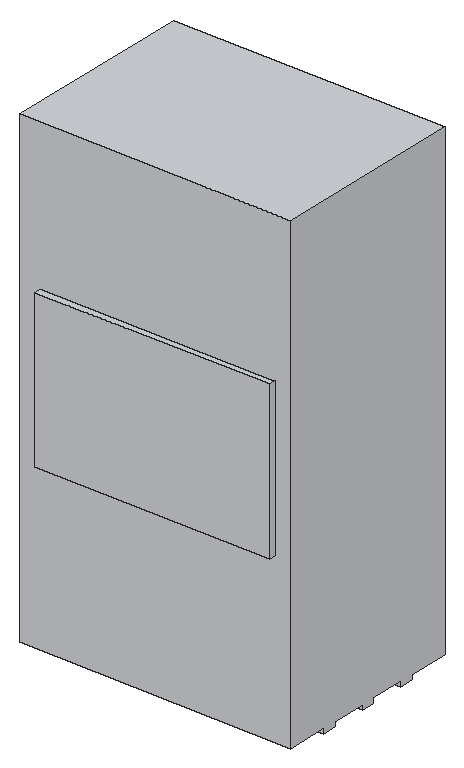
Revit family "M_WSHP - Vertical - 23-35 kW - Retorno frontal - Descarga traseira", category Equipamento mecânico, Revit 2019
Family settings
  Cota do conector redondo = Usar raio
  Tipo de parte = Normal
  Número OmniClass = 23.75.10.21.17
  Título OmniClass = Water-Source Heat Pumps
  ID de item do Seek = WSHP - Vertical - 23-35 kW - Front Return - Rear Discharge-0000-CAN-ENU
  Com base no plano de trabalho = Não
  Sempre na vertical = Sim
  Corte com vazios quando carregada = Não
  Compartilhado = Não
  Ponto de cálculo do ambiente = Não
Parameters (values of type "23 kW")
  Raio do fornecimento de água = 20 mm
  Diâmetro do fornecimento de água = Raio do fornecimento de água * 2  # 40 mm
  Raio do retorno da água = 20 mm
  Diâmetro do retorno da água = Raio do retorno da água * 2  # 40 mm
  Queda de pressão da água [instance] = 59294.9 Pa
  Fluxo da água [instance] = 1.14 L/s
  Voltagem = 460 V
  Largura do ar de fornecimento = 375 mm
  Altura do ar de fornecimento = 400 mm
  Largura do ar de retorno = 900 mm
  Altura do ar de retorno = 600 mm
  Largura da bomba = 736.6 mm
  Material da bomba = none
  Comprimento da bomba = 1041.4 mm
  Altura da bomba = 1816.1 mm
  Número de pólos = 3
  Modelo = "1'  10 77/128\""
  Classificação de carga = Refrigeração
  Fluxo da drenagem [instance] = 0.0 L/s
  Raio da condensação = 15 mm
  Diâmetro da condensação = Raio da condensação * 2  # 30 mm
  C6 Deslocamento 2 = 53.4 mm
  C6 Deslocamento 1 = 25.4 mm
  C5 Deslocamento 2 = 574.1 mm
  C5 Deslocamento 1 = 78.8 mm
  C4 Deslocamento 1 = 284.5 mm
  C3 Deslocamento 1 = 368.3 mm
  C2 Deslocamento 1 = 101.6 mm
  C1 Deslocamento 2 = 520.7 mm
  C1 Deslocamento 1 = 187.9 mm
  Carga aparente = 6026 VA
  Pressão estática externa [instance] = 248.84 Pa
  Fluxo de ar [instance] = 1227.06 L/s
Types (4, lengths in mm): name | Queda de pressão da água | Fluxo da água | Largura do ar de fornecimento | Modelo | C4 Deslocamento 1 | Carga aparente | Pressão estática externa | Fluxo de ar
  (no name) | 59294.9 Pa | 1.14 L/s | 375 | "1'  10 77/128\"" | 284.5 | 6026 VA | 248.84 Pa | 1227.06 L/s
  23 kW | 59294.9 Pa | 1.14 L/s | 375 | "1'  10 77/128\"" | 284.5 | 6026 VA | 248.84 Pa | 1227.06 L/s
  30 kW | 69637.1 Pa | 1.51 L/s | 375 | 0 | 284.5 | 8970 VA | 373.26 Pa | 1651.82 L/s
  35 kW | 91700.3 Pa | 1.89 L/s | 475 | 0 | 147.3 | 9890 VA | 373.26 Pa | 1982.18 L/s
Reference planes
  plane 1 "Centro (Frente/Trás)": y = 0
  plane 2: z = 0
  plane 3 "Centro (Esquerda/Direita)": x = 0
  plane 4: x = 1041.4
  plane 5: y = 736.6
  plane 6: z = 1835.15
  plane 7: z = 19.05
  plane 8: y = 368.3
  plane 9: y = 393.7
  plane 10: y = 342.9
  plane 11: y = 552.45
  plane 12: y = 184.15
  plane 13: y = 577.85
  plane 14: y = 527.05
  plane 15: y = 209.55
  plane 16: y = 158.75
  plane 17: z = 539.75
  plane 18: y = 101.6
  plane 19: y = 187.9
  plane 20: y = 368.3
  plane 21: x = -25.4
  plane 22: x = 659.5
  plane 23: x = 284.5
  plane 24: x = 78.8
  plane 25: x = 978.8
  plane 26: z = 1261.05
  plane 27: z = 661.05
  plane 28: z = 53.4
  plane 29: x = 1016
  plane 30: y = -25.4
  plane 31: y = -25.4
  plane 32: z = 1809.75
  plane 33: z = 1409.75
  plane 34: y = 762
  plane 35: y = 25.4
Forms (mm)
  Extrusion 1, solid, material <- "Material da bomba"
    sketch origin (0, 0, 0) x (1, 0, 0) y (0, 1, 0)
      loop
        line (0, 736.6) -> (0, 0) -> (1041.4, 0) -> (1041.4, 736.6) -> (0, 736.6)
    from 19.05 to 1835.15
  Extrusion 2, solid, material <- "Material da bomba"
    sketch origin (0, 0, 0) x (0, 1, 0) y (0, 0, 1)
      loop
        line (393.7, 19.05) -> (342.9, 19.05) -> (342.9, 0) -> (393.7, 0) -> (393.7, 19.05)
    from 0 to 1041.4
  Extrusion 3, solid, material <- "Material da bomba"
    sketch origin (0, 0, 0) x (0, 1, 0) y (0, 0, 1)
      loop
        line (577.85, 19.05) -> (527.05, 19.05) -> (527.05, 0) -> (577.85, 0) -> (577.85, 19.05)
    from 0 to 1041.4
  Extrusion 4, solid, material <- "Material da bomba"
    sketch origin (0, 0, 0) x (0, 1, 0) y (0, 0, 1)
      loop
        line (209.55, 19.05) -> (158.75, 19.05) -> (158.75, 0) -> (209.55, 0) -> (209.55, 19.05)
    from 0 to 1041.4
  Extrusion 5, solid, material <- "Material da bomba"
    sketch origin (0, 0, 0) x (0, 1, 0) y (0, 0, 1)
      loop
        circle (101.6, 539.75) r 20
    from 0 to -25.4
  Extrusion 6, solid, material <- "Material da bomba"
    sketch origin (0, 0, 0) x (0, 1, 0) y (0, 0, 1)
      loop
        circle (187.9, 539.75) r 20
    from 0 to -25.4
  Extrusion 7, solid, material <- "Material da bomba"
    sketch origin (0, 0, 0) x (0, 1, 0) y (0, 0, 1)
      loop
        circle (368.3, 539.75) r 15
    from 0 to -25.4
  Extrusion 8, solid, material <- "Material da bomba"
    sketch origin (0, 0, 0) x (1, 0, 0) y (0, 0, 1)
      loop
        line (78.8, 1261.05) -> (78.8, 661.05) -> (978.8, 661.05) -> (978.8, 1261.05) -> (78.8, 1261.05)
    from 0 to 25.4
  Extrusion 9, solid, material <- "Material da bomba"
    sketch origin (0, 0, 0) x (1, 0, 0) y (0, 0, 1)
      loop
        circle (1016, 53.4) r 12.7
    from -25.4 to 0
  Extrusion 10, solid, material <- "Material da bomba"
    sketch origin (0, 0, 0) x (1, 0, 0) y (0, 0, 1)
      loop
        line (284.5, 1809.75) -> (284.5, 1409.75) -> (659.5, 1409.75) -> (659.5, 1809.75) -> (284.5, 1809.75)
    from -736.6 to -762
Cuts and joins
  joined: Extrusion 1, Extrusion 2, Extrusion 3, Extrusion 4, Extrusion 5, Extrusion 6, Extrusion 7, Extrusion 8, Extrusion 9, Extrusion 10
Dimensions and locks
  "Comprimento da bomba": plane 3 "Centro (Esquerda/Direita)" to plane 4
  "Largura da bomba": plane 5 to plane 1 "Centro (Frente/Trás)"
  locked: plane 7 to plane 2 at 19.05
  "Altura da bomba": plane 6 to plane 7
  equal spacing: plane 5, plane 8, plane 1 "Centro (Frente/Trás)"
  plane 9 to plane 8 to plane 10 = 25.4 mm locked, 25.4 mm locked
  equal spacing: plane 5, plane 11, plane 8
  equal spacing: plane 8, plane 12, plane 1 "Centro (Frente/Trás)"
  plane 13 to plane 11 to plane 14 = 25.4 mm locked, 25.4 mm locked
  plane 15 to plane 12 to plane 16 = 25.4 mm locked, 25.4 mm locked
  "C1 Deslocamento 2": plane 17 to plane 7
  "C2 Deslocamento 1": plane 18 to plane 1 "Centro (Frente/Trás)"
  "C1 Deslocamento 1": plane 19 to plane 1 "Centro (Frente/Trás)"
  "C3 Deslocamento 1": plane 20 to plane 1 "Centro (Frente/Trás)"
  plane 21 to plane 3 "Centro (Esquerda/Direita)" = 25.4 mm
  "C4 Deslocamento 1": plane 3 "Centro (Esquerda/Direita)" to plane 23
  "Largura do ar de fornecimento": plane 23 to plane 22
  "C5 Deslocamento 2": plane 6 to plane 26
  "Altura do ar de retorno": plane 26 to plane 27
  "C5 Deslocamento 1": plane 24 to plane 3 "Centro (Esquerda/Direita)"
  "Largura do ar de retorno": plane 25 to plane 24
  "C6 Deslocamento 2": plane 28 to plane 2
  "C6 Deslocamento 1": plane 4 to plane 29
  locked: plane 31 to plane 1 "Centro (Frente/Trás)" at 25.4
  locked: plane 6 to plane 32 at 25.4
  "Altura do ar de fornecimento": plane 32 to plane 33
  locked: plane 34 to plane 5 at 25.4
  locked: plane 35 to plane 1 "Centro (Frente/Trás)" at 25.4
  "Raio do retorno da água": radius of Extrusion 5 sketch curve
  "Raio do fornecimento de água": radius of Extrusion 6 sketch curve
  "Raio da condensação": radius of Extrusion 7 sketch curve
  radius of Extrusion 9 sketch curve = 12.7 mm
  aligned and locked: Extrusion 1 to plane 3 "Centro (Esquerda/Direita)"
  aligned and locked: plane 5 to Extrusion 1
  aligned and locked: plane 4 to Extrusion 1
  aligned and locked: plane 1 "Centro (Frente/Trás)" to Extrusion 1
  aligned and locked: plane 6 to Extrusion 1
  aligned and locked: Extrusion 1 to plane 7
  aligned and locked: Extrusion 2 to plane 9
  aligned and locked: plane 10 to Extrusion 2
  aligned and locked: plane 7 to Extrusion 2
  aligned and locked: Extrusion 2 to plane 2
  aligned and locked: Extrusion 3 to plane 13
  aligned and locked: plane 14 to Extrusion 3
  aligned and locked: plane 7 to Extrusion 3
  aligned and locked: Extrusion 3 to plane 2
  aligned and locked: Extrusion 4 to plane 15
  aligned and locked: plane 16 to Extrusion 4
  aligned and locked: plane 7 to Extrusion 4
  aligned and locked: Extrusion 4 to plane 2
  aligned and locked: Extrusion 3 to plane 3 "Centro (Esquerda/Direita)"
  aligned and locked: Extrusion 2 to plane 3 "Centro (Esquerda/Direita)"
  aligned and locked: Extrusion 4 to plane 3 "Centro (Esquerda/Direita)"
  aligned and locked: plane 4 to Extrusion 3
  aligned and locked: plane 4 to Extrusion 2
  aligned and locked: plane 4 to Extrusion 4
  aligned and locked: plane 17 to Extrusion 5 sketch curve
  aligned and locked: plane 17 to Extrusion 6 sketch curve
  aligned and locked: plane 17 to Extrusion 7 sketch curve
  aligned and locked: plane 18 to Extrusion 5 sketch curve
  aligned and locked: plane 19 to Extrusion 6 sketch curve
  aligned and locked: plane 20 to Extrusion 7 sketch curve
  aligned and locked: Extrusion 7 to plane 3 "Centro (Esquerda/Direita)"  (x2)
  aligned and locked: Extrusion 7 to plane 21
  aligned and locked: Extrusion 6 to plane 21
  aligned and locked: Extrusion 5 to plane 21
  aligned and locked: plane 3 "Centro (Esquerda/Direita)" to Extrusion 6
  aligned and locked: plane 3 "Centro (Esquerda/Direita)" to Extrusion 5
  aligned and locked: Extrusion 8 to plane 24
  aligned and locked: Extrusion 8 to plane 25
  aligned and locked: Extrusion 8 to plane 26
  aligned and locked: Extrusion 8 to plane 27
  aligned and locked: plane 28 to Extrusion 9 sketch curve
  aligned and locked: plane 29 to Extrusion 9 sketch curve
  aligned and locked: plane 32 to Extrusion 10
  aligned and locked: Extrusion 10 to plane 33
  aligned and locked: Extrusion 10 to plane 23
  aligned and locked: plane 22 to Extrusion 10
  aligned and locked: plane 34 to Extrusion 10
  aligned and locked: Extrusion 10 to plane 5
  aligned and locked: plane 35 to Extrusion 9
  aligned and locked: plane 1 "Centro (Frente/Trás)" to Extrusion 9
  aligned and locked: Extrusion 8 to plane 1 "Centro (Frente/Trás)"
  aligned and locked: Extrusion 8 to plane 31
Automatic sketch dimensions
  plane 3 "Centro (Esquerda/Direita)" to Extrusion 1 sketch curve = 0 mm
  Extrusion 1 sketch curve to plane 1 "Centro (Frente/Trás)" = 0 mm
  plane 4 to Extrusion 1 sketch curve = 0 mm
  plane 5 to Extrusion 1 sketch curve = 0 mm
  plane 8 to Extrusion 2 sketch curve = 25.4 mm
  Extrusion 2 sketch curve to plane 8 = 25.4 mm
  Extrusion 2 sketch curve to level = 0 mm
  plane 7 to Extrusion 2 sketch curve = 0 mm
  plane 11 to Extrusion 3 sketch curve = 25.4 mm
  Extrusion 3 sketch curve to plane 11 = 25.4 mm
  Extrusion 3 sketch curve to level = 0 mm
  plane 7 to Extrusion 3 sketch curve = 0 mm
  plane 12 to Extrusion 4 sketch curve = 25.4 mm
  Extrusion 4 sketch curve to level = 0 mm
  Extrusion 4 sketch curve to plane 12 = 25.4 mm
  plane 7 to Extrusion 4 sketch curve = 0 mm
  plane 24 to Extrusion 8 sketch curve = 0 mm
  plane 22 to Extrusion 8 sketch curve = 319.3 mm
  Extrusion 8 sketch curve to plane 27 = 0 mm
  plane 26 to Extrusion 8 sketch curve = 0 mm
  plane 23 to Extrusion 10 sketch curve = 0 mm
  Extrusion 10 sketch curve to plane 25 = 319.3 mm
  Extrusion 10 sketch curve to plane 6 = 25.4 mm
  Extrusion 10 sketch curve to plane 33 = 0 mm
Connectors
  piping at (-25.4, 187.9, 539.75), diameter 40, driven by "Fluxo da água", driven by "Raio do fornecimento de água"
    settings: on Extrusion 6, index 1, connector inside diameter 40 mm, connector length 0 mm, flow factor 0, pipe flow 1.14 L/s, pressure drop 0.0 Pa, fitting loss kfactor 0, connector angle 0.00°, fixture units 0, engagement length 0 mm, angle of deflection 0.00°, flow configuration 1, flow direction 1, fitting loss method 4, system type 7, joint type 0, gender type 0, connector reference index 2, connector utility 0, adjustable connector no, is connector primary yes, connector description "Entrada do fornecimento de água"
  piping at (-25.4, 101.6, 539.75), diameter 40, driven by "Fluxo da água", driven by "Raio do retorno da água"
    settings: on Extrusion 5, index 2, connector inside diameter 40 mm, connector length 0 mm, flow factor 0, pipe flow 1.14 L/s, pressure drop 0.0 Pa, fitting loss kfactor 0, connector angle 0.00°, fixture units 0, engagement length 0 mm, angle of deflection 0.00°, flow configuration 1, flow direction 2, fitting loss method 4, system type 8, joint type 0, gender type 0, connector reference index 1, connector utility 0, adjustable connector no, is connector primary no, connector description "Saída do retorno da água"
  piping at (-25.4, 368.3, 539.75), diameter 30, driven by "Raio da condensação", driven by "Fluxo da drenagem"
    settings: on Extrusion 7, index 3, connector inside diameter 30 mm, connector length 0 mm, flow factor 0, pipe flow 0.0 L/s, pressure drop 0.0 Pa, fitting loss kfactor 0, connector angle 0.00°, fixture units 0, engagement length 0 mm, angle of deflection 0.00°, flow configuration 1, flow direction 2, fitting loss method 0, system type 16, joint type 0, gender type 0, connector reference index -1, connector utility 0, adjustable connector yes, is connector primary no, connector description "Saída de condensação"
  hvac at (472, 762, 1609.75), driven by "Fluxo de ar", driven by "Altura do ar de fornecimento", driven by "Largura do ar de fornecimento"
    settings: on Extrusion 10, index 4, duct flow 1227.06 L/s, flow factor 0, pres drop 0.0 Pa, loss coef 0, conn angle 0.00°, conn width 375 mm, conn height 400 mm, conn diameter 609.6 mm, duct sys type 1, conn prof type 1, flow config 0, flow direction 2, loss method 0, conn ref index 5, conn util no, is conn primary yes, conn desc ""
  hvac at (528.8, -25.4, 961.05), driven by "Fluxo de ar", driven by "Altura do ar de retorno", driven by "Largura do ar de retorno"
    settings: on Extrusion 8, index 5, duct flow 1227.06 L/s, flow factor 0, pres drop 0.0 Pa, loss coef 0, conn angle 0.00°, conn width 900 mm, conn height 600 mm, conn diameter 609.6 mm, duct sys type 2, conn prof type 1, flow config 0, flow direction 1, loss method 0, conn ref index 4, conn util no, is conn primary no, conn desc ""
  electrical at (1016, 0, 53.4), driven by "Carga aparente", driven by "Voltagem", driven by "Número de pólos", driven by "Classificação de carga"
    settings: on Extrusion 9, index 6, voltage 460 V, apparent load 6026 VA, apparent load phase1 0 VA, apparent load phase2 0 VA, apparent load phase3 0 VA, power factor 0.8, load classification "Refrigeração", number of poles 3, system type 30, power factor state 1, is connector primary yes, connector utility no, sub classification motor no, connector description ""
